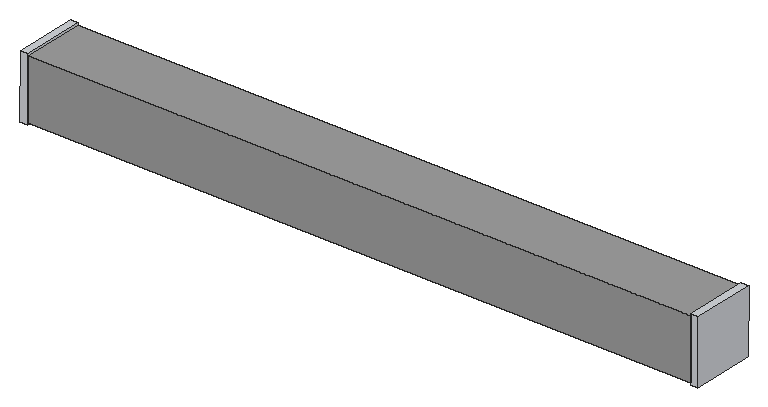
Revit family "5020-48", category Lighting Fixtures, Revit 2016
Family settings
  Part Type = Normal
  Round Connector Dimension = Use Diameter
  OmniClass Number = 23.80.70.00
  OmniClass Title = Lighting
  Work Plane-Based = No
  Always vertical = Yes
  Cut with Voids When Loaded = No
  Light Source = Yes
  Shared = No
  Room Calculation Point = No
Parameters
  Wattage = 12.1178 W
  built-in parameter 1150110 = 1 (stored number, unit not read)
  built-in parameter 1114217 = 1 (stored number, unit not read)
  built-in parameter 1150109 = 1 (stored number, unit not read)
  built-in parameter 1150134 = (empty or 0)
  built-in parameter 1150113 = 1 (stored number, unit not read)
  Lumens = 1800 lm
  built-in parameter 1150115 = 1 (stored number, unit not read)
  built-in parameter 1150105 = 143.24 (stored number, unit not read)
  Light Source Symbol Size = 2' - 0"
  built-in parameter 1150137 = (empty or 0)
  built-in parameter 1150139 = (empty or 0)
  built-in parameter 1150112 = 1 (stored number, unit not read)
  built-in parameter 1150114 = 1 (stored number, unit not read)
  built-in parameter 1150132 = 2
  built-in parameter 1150102 = (empty or 0)
  built-in parameter 1150138 = (empty or 0)
  built-in parameter 1150107 = 3000 (stored number, unit not read)
  built-in parameter 1150106 = 1.4324 (stored number, unit not read)
  built-in parameter 1150104 = 13.8 (stored number, unit not read)
  Dimming Lamp Color Temperature Shift = (empty or 0)
  Color Filter = 16777215
  built-in parameter 1114218 = 1 (stored number, unit not read)
  built-in parameter 1150133 = 10 (stored number, unit not read)
Reference planes (in)
  plane 1 "Light Source Axis (F/B)": y = 0
  plane 2: z = 0
  plane 3 "Light Source Axis (L/R)": x = 0
  plane 4 "Light Source Elevation": z = 54
  plane 5: x = -24
  plane 6: x = -11.5
Forms (in)
  Extrusion 1, solid
    sketch origin (-24, -180, 23.26547) x (0, 0, 1) y (0, -1, 0)
      loop
        line (-23.26547, -180) -> (-23.26547, -184.5) -> (-18.76547, -184.5) -> (-18.76547, -180) -> (-23.26547, -180)
    from 0 to 0.5
  Extrusion 2, solid
    sketch origin (24, -180, 23.26547) x (0, 0, 1) y (0, 1, 0)
      loop
        line (-23.26547, 180) -> (-18.76547, 180) -> (-18.76547, 184.5) -> (-23.26547, 184.5) -> (-23.26547, 180)
    from 0 to 0.5
  Extrusion 3, solid, material "Default"
    sketch origin (-11.5, -180, 4.5) x (0, 0, 1) y (0, -1, 0)
      loop
        line (-4.4, -180) -> (-4.4, -184.4) -> (-0.1, -184.4) -> (-0.1, -180) -> (-4.4, -180)
    from -12 to 35
Dimensions and locks (in)
  aligned and locked: plane 3 "Light Source Axis (L/R)" to imposter light
  aligned and locked: plane 1 "Light Source Axis (F/B)" to imposter light
  aligned and locked: plane 4 "Light Source Elevation" to imposter light
  aligned and locked: level to plane 2
